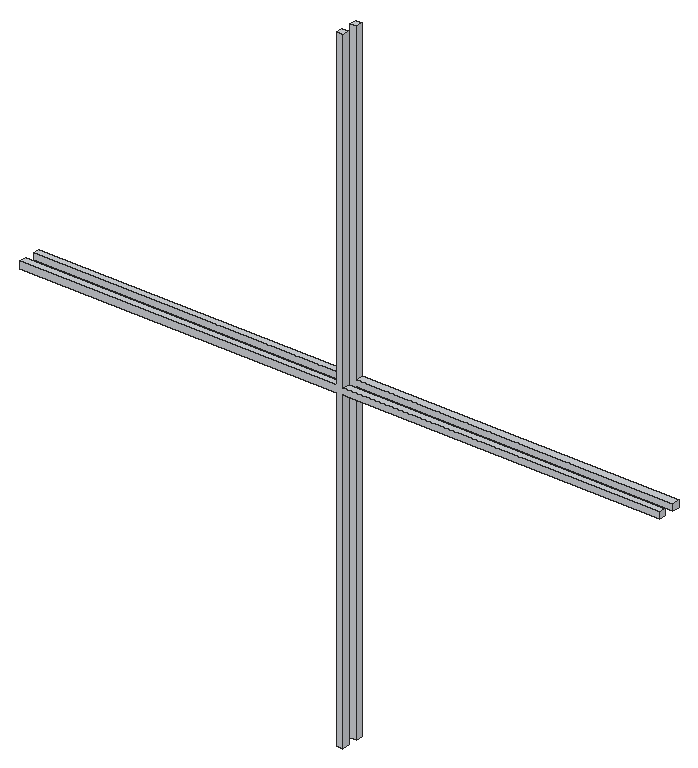
Revit family "M_Padrão do montante_2x2", category Modelos genéricos, Revit 2019
Family settings
  Pode hospedar o vergalhão = Não
  Cota do conector redondo = Utilizar diâmetro
  Tipo de parte = Normal
  Com base no plano de trabalho = Não
  Sempre na vertical = Sim
  Corte com vazios quando carregada = Não
  Compartilhado = Sim
  Ponto de cálculo do ambiente = Não
Parameters
  Largura [instance] = 1200 mm
  Espessura = 12.7 mm
  Altura [instance] = 1200 mm
  Material interior [instance] = none
  Material externo [instance] = none
  Distância = 19.05 mm
Reference planes
  plane 1 "Centro (Frente/Trás)": y = 0
  plane 2: z = 0
  plane 3 "Centro (Esquerda/Direita)": x = 0
  plane 4: z = 1200
  plane 5: x = -600
  plane 6: x = 600
  plane 7: z = 600
  plane 8: y = 9.525
  plane 9: y = 22.225
  plane 10: y = -9.525
  plane 11: y = -22.225
Forms (mm)
  Extrusion 1, solid, material <- "Material interior", detail levels fine
    sketch origin (0, 0, 0) x (1, 0, 0) y (0, 0, 1)
      loop
        line (-600, 606.35) -> (-600, 593.65) -> (-6.35, 593.65) -> (-6.35, 0) -> (6.35, 0) -> (6.35, 593.65) -> (600, 593.65) -> (600, 606.35) -> (6.35, 606.35) -> (6.35, 1200) -> (-6.35, 1200) -> (-6.35, 606.35) -> (-600, 606.35)
    from 9.525 to 22.225
  Extrusion 2, solid, material <- "Material externo", detail levels fine
    sketch origin (0, 0, 0) x (1, 0, 0) y (0, 0, -1)
      loop
        line (-600, -606.35) -> (-6.35, -606.35) -> (-6.35, -1200) -> (6.35, -1200) -> (6.35, -606.35) -> (600, -606.35) -> (600, -593.65) -> (6.35, -593.65) -> (6.35, 0) -> (-6.35, 0) -> (-6.35, -593.65) -> (-600, -593.65) -> (-600, -606.35)
    from 9.525 to 22.225
Lines and regions (mm)
  model lines, detail levels medium
    curve 1: line (0, 9.525, 1200) -> (0, 9.525, 0)
    curve 2: line (-600, -9.525, 600) -> (600, -9.525, 600)
    curve 3: line (-600, 9.525, 600) -> (600, 9.525, 600)
    curve 4: line (0, -9.525, 1200) -> (0, -9.525, 0)
Dimensions and locks
  equal spacing: plane 6, plane 3 "Centro (Esquerda/Direita)", plane 5
  "Largura": plane 6 to plane 5
  "Altura": plane 4 to plane 2
  equal spacing: plane 4, plane 7, plane 2
  locked: plane 3 "Centro (Esquerda/Direita)" to Extrusion 1 sketch curve at 6.35  (x4)
  locked: Extrusion 1 sketch curve to plane 7 at 6.35  (x2)
  locked: plane 7 to Extrusion 1 sketch curve at 6.35  (x2)
  "Espessura": plane 9 to plane 8
  "Espessura": plane 10 to plane 11
  "Distância": plane 8 to plane 10
  equal spacing: plane 8, plane 1 "Centro (Frente/Trás)", plane 10
  aligned and locked: plane 2 to level
  aligned and locked: plane 4 to curve 1
  aligned and locked: plane 5 to curve 2
  aligned and locked: plane 2 to curve 1
  aligned and locked: plane 6 to curve 2
  aligned and locked: Extrusion 1 sketch curve to plane 4
  aligned and locked: Extrusion 1 sketch curve to plane 6
  aligned and locked: Extrusion 1 sketch curve to plane 5
  aligned and locked: Extrusion 1 sketch curve to level
  aligned and locked: Extrusion 1 to plane 11
  aligned and locked: plane 10 to Extrusion 1
  aligned and locked: Extrusion 2 to plane 5
  aligned and locked: plane 6 to Extrusion 2
  aligned and locked: Extrusion 2 to plane 8
  aligned and locked: plane 9 to Extrusion 2
  aligned and locked: Extrusion 2 to plane 2
  aligned and locked: plane 4 to Extrusion 2
  aligned and locked: plane 5 to curve 3
  aligned and locked: plane 6 to curve 3
  aligned and locked: plane 4 to curve 4
  aligned and locked: plane 2 to curve 4
  aligned and locked: plane 8 to curve 3
Automatic sketch dimensions
  curve 2 to plane 7 = 0 mm
  Extrusion 2 sketch curve to plane 5 = 0 mm
  Extrusion 2 sketch curve to level = 0 mm
  Extrusion 2 sketch curve to plane 4 = 0 mm
  Extrusion 2 sketch curve to plane 6 = 0 mm
  Extrusion 2 sketch curve to plane 3 "Centro (Esquerda/Direita)" = 6.35 mm  (x2)
  plane 3 "Centro (Esquerda/Direita)" to Extrusion 2 sketch curve = 6.35 mm  (x2)
  plane 7 to Extrusion 2 sketch curve = 6.35 mm  (x2)
  Extrusion 2 sketch curve to plane 7 = 6.35 mm  (x2)
  curve 4 to plane 3 "Centro (Esquerda/Direita)" = 0 mm
  curve 4 to level = 0 mm
  curve 4 to plane 4 = 0 mm
  curve 3 to plane 6 = 0 mm
  curve 1 to plane 3 "Centro (Esquerda/Direita)" = 0 mm
  curve 3 to plane 5 = 0 mm
  curve 3 to plane 7 = 0 mm
